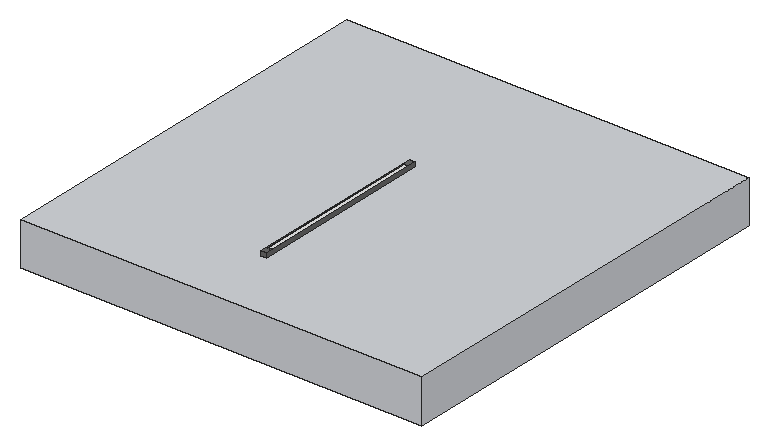
Revit family "Zumtobel SUI TID", category Lighting Fixtures, host Face, Revit 2016
Family settings
  Host = Face
  Part Type = Normal
  Round Connector Dimension = Use Diameter
  OmniClass Number = 23.80.70.11
  OmniClass Title = Luminaries for Internal Lighting
  Cut with Voids When Loaded = No
  Light Source = Yes
  Shared = No
  Room Calculation Point = No
Parameters (values of type "SUI TID")
  Width = 37 mm  # constant formula
  Wattage Comments = ""
  Wattage = 13.4642 W
  built-in parameter 1150110 = 1 (stored number, unit not read)
  Voltage = 230 V
  URL = "http://www.zumtobel.com/60211045"
  Type Comments = "© Zumtobel. We reserve the right to make technical changes without prior notice."  # constant formula
  built-in parameter 1114217 = 1 (stored number, unit not read)
  Tilt Angle = -90.00°
  built-in parameter 1150109 = 1 (stored number, unit not read)
  built-in parameter 1150134 = (empty or 0)
  built-in parameter 1150113 = 1 (stored number, unit not read)
  Reflector = Zumtobel_Cover_Self_llumination_Opaque
  Photometric Web File = "60211045_(STD_LEO).IES"
  Model = "60211045"
  Manufacturer = "Zumtobel Lighting"  # constant formula
  built-in parameter 1150105 = 744.8 (stored number, unit not read)
  Lumens = 2000 lm
  built-in parameter 1150115 = 1 (stored number, unit not read)
  built-in parameter 1150137 = (empty or 0)
  built-in parameter 1150139 = (empty or 0)
  Length = 1300 mm  # constant formula
  built-in parameter 1150112 = 1 (stored number, unit not read)
  built-in parameter 1150114 = 1 (stored number, unit not read)
  Lamp = "LED"
  built-in parameter 1150132 = 2
  built-in parameter 1150102 = (empty or 0)
  built-in parameter 1150107 = 3000 (stored number, unit not read)
  built-in parameter 1150138 = (empty or 0)
  built-in parameter 1150106 = 7.448 (stored number, unit not read)
  Height = 29 mm  # constant formula
  Emit from Rectangle Width = 1200 mm  # constant formula
  Emit from Rectangle Length = 32 mm  # constant formula
  Emit Shape Visible in Rendering = no
  built-in parameter 1150104 = 13.8 (stored number, unit not read)
  Dimming Lamp Color Temperature Shift = <None>
  Description = "LED linear luminaires"  # constant formula
  Default Elevation = 0 mm
  Color Filter = 16777215
  Body = Zumtobel_Plastic_Black
  built-in parameter 1114218 = 1 (stored number, unit not read)
  built-in parameter 1150133 = 10 (stored number, unit not read)
  Assembly Code = "D5020200"
  Apparent Load = 13 VA  # constant formula
Reference planes
  plane 1 "Center (Front/Back)": y = 0
  plane 2 "Top": z = 0
  plane 3 "Center (Left/Right)": x = 399.5
  plane 4 "Bottom": z = 29
  plane 5 "Back": y = 650
  plane 6 "Front": y = -650
  plane 7: z = 19
Forms (mm)
  Extrusion 1, solid
    sketch origin (116.179, 575, 0) x (1, 0, 0) y (0, 1, 0)
      loop
        line (-1016.679, 1125) -> (-1016.679, -1737.29) -> (1803.321, -1737.29) -> (1803.321, 1125) -> (-1016.679, 1125)
    from 0 to -304.8
  Extrusion 2, solid, material "Zumtobel_Plastic_Black" <- "Body"
    sketch origin (0, 0, 0) x (1, 0, 0) y (0, 1, 0)
      loop
        line (381, 650) -> (381, -650) -> (418, -650) -> (418, 650) -> (381, 650)
    from 0 to 19
  Extrusion 3, solid, material "Zumtobel_Plastic_Black" <- "Body"
    sketch origin (0, 0, 19) x (1, 0, 0) y (0, 1, 0)
      loop
        line (381, 650) -> (381, -650) -> (418, -650) -> (418, 650) -> (381, 650)
      loop
        line (383.5, -600) -> (415.5, -600) -> (415.5, 600) -> (383.5, 600) -> (383.5, -600)
    from 0 to 10
  Extrusion 4, solid, material "Zumtobel_Plastic_Black" <- "Body"
    sketch origin (399.5, 76, 30) x (0, 1, 0) y (-1, 0, 0)
      loop
        line (524, 16) -> (-676, 16) -> (-676, -16) -> (524, -16) -> (524, 16)
    from -11 to -1
Cuts and joins
  joined: Extrusion 2, Extrusion 3
Dimensions and locks
  locked: plane 2 "Top" to plane 4 "Bottom" at 29
  equal spacing: plane 6 "Front", plane 1 "Center (Front/Back)", plane 5 "Back"
  locked: plane 6 "Front" to plane 5 "Back" at 1300
  aligned and locked: Extrusion 1 to plane 2 "Top"
  aligned and locked: Extrusion 1 to level
  aligned and locked: plane 7 to Extrusion 2
  aligned and locked: Extrusion 3 to plane 7
  aligned and locked: plane 4 "Bottom" to Extrusion 3
  aligned and locked: Extrusion 4 to plane 7
  aligned and locked: plane 4 "Bottom" to Extrusion 4
  aligned and locked: imposter light to plane 4 "Bottom"
Automatic sketch dimensions
  Extrusion 1 sketch curve to Extrusion 1 sketch curve = 2820 mm
  Extrusion 1 sketch curve to Extrusion 1 sketch curve = 2862.29 mm
  plane 6 "Front" to Extrusion 2 sketch curve = 0 mm
  Extrusion 2 sketch curve to plane 5 "Back" = 0 mm
  plane 3 "Center (Left/Right)" to Extrusion 2 sketch curve = 18.5 mm
  Extrusion 2 sketch curve to plane 3 "Center (Left/Right)" = 18.5 mm
  plane 3 "Center (Left/Right)" to Extrusion 3 sketch curve = 18.5 mm
  Extrusion 3 sketch curve to Extrusion 3 sketch curve = 2.5 mm  (x2)
  Extrusion 3 sketch curve to plane 5 "Back" = 50 mm
  Extrusion 3 sketch curve to plane 6 "Front" = 50 mm
  plane 6 "Front" to Extrusion 3 sketch curve = 0 mm
  Extrusion 3 sketch curve to plane 3 "Center (Left/Right)" = 16 mm
  Extrusion 3 sketch curve to plane 5 "Back" = 0 mm
  plane 3 "Center (Left/Right)" to Extrusion 4 sketch curve = 16 mm
  Extrusion 4 sketch curve to plane 5 "Back" = 50 mm
  Extrusion 4 sketch curve to plane 6 "Front" = 50 mm
  Extrusion 4 sketch curve to plane 3 "Center (Left/Right)" = 16 mm
Connectors
  electrical at (399.5, 0, 0), driven by "Voltage", driven by "Apparent Load"
    settings: on cut or joined group of Extrusion 2, Extrusion 3, index 1, voltage 230 V, apparent load 13 VA, apparent load phase1 0 VA, apparent load phase2 0 VA, apparent load phase3 0 VA, power factor 1, load classification "Lighting", number of poles 1, system type 30, power factor state 1, is connector primary yes, connector utility no, sub classification motor no, connector description "Power"
